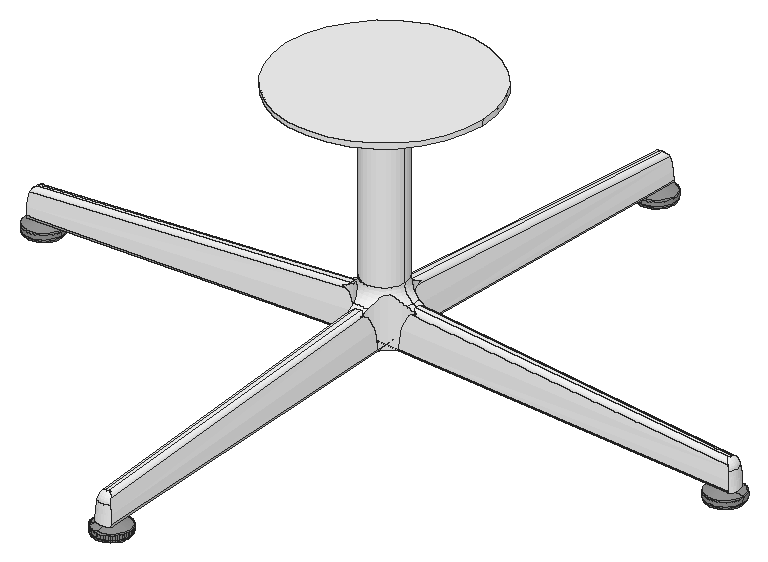
Revit family "FU_Table Base_Sandler_Elix 9-1", category Furniture, Revit 2020
Family settings
  OmniClass Number = 23.40.20.00
  OmniClass Title = General Furniture and Specialties
  Work Plane-Based = No
  Always vertical = Yes
  Cut with Voids When Loaded = No
  Shared = No
  Room Calculation Point = No
Parameters (values of type "Elix 9.3")
  Width = 880 mm
  URL = "https://www.sandlerseating.com/product/elix-9-3/"
  Model = "Elix 9.3"
  Manufacturer = "Sandler"
  Height = 310 mm
  Description = "Table base with central column in steel tube and 4 spoke base made of cast aluminum alloy. Height 31cm. (12.2″)"
  Depth = 880 mm
  Default Elevation = 0 mm
  Base [instance] = Epoxy - M1_W01 - White
Reference planes
  plane 1 "Center (Front/Back)": y = 0
  plane 2: z = 0
  plane 3 "Center (Left/Right)": x = 0
  plane 4 "Right": x = -440
  plane 5 "Left": x = 440
  plane 6 "Back": y = 440
  plane 7 "Front": y = -440
  plane 8 "Height": z = 310
  plane 9 "Top Support Base FRONT": z = 304
  plane 10 "Column Base FRONT": z = 30
Forms (mm)
  Revolve 1, solid, material "Rubber, Black"
    sketch origin (0, 0, 0) x (1, 0, 0) y (0, 0, 1)
      loop
        line (410.594, 13.752) -> (395.25, 8.808)
        arc (395.25, 8.808) -> (394.744, 8.442) -> (394.55, 7.848) r 1.009
        line (394.55, 7.848) -> (394.55, 3.083) -> (395.363, 3.083) -> (395.363, 0.508)
        arc (395.363, 0.508) -> (395.512, 0.149) -> (395.872, 0) r 0.508
        line (395.872, 0) -> (416.86, 0) -> (416.86, 17.876) -> (413.727, 17.876) -> (413.727, 13.752) -> (410.594, 13.752)
      axis (416.86, 17.876) -> (416.86, 0)
    angle from 0 to 360
  SweptBlend 2, solid, material "Epoxy - M1_W01 - White" <- "Base"
    path origin (0, 0, 0) x (0, 1, 0) y (0, 0, 1)
      loop
        line (0, 30.809) -> (440, 13.61)
    profile "Pro_Elix_leg 01 : Pro_Elix_leg 01" origin (0, 0, 30.809) x (0, 0.039059, 0.999237) y (1, 0, 0)
      loop
        line (0, 10.812) -> (0, -10.831)
        arc (0, -10.831) -> (0.601, -12.24) -> (2.035, -12.78) r 1.951
        arc (2.035, -12.78) -> (24.003, -11.524) -> (45.777, -8.35) r 251.335
        arc (45.777, -8.35) -> (48.704, -6.451) -> (50.036, -3.226) r 5.871
        arc (50.036, -3.226) -> (50.226, 0) -> (50.036, 3.226) r 27.435
        arc (50.036, 3.226) -> (48.358, 6.831) -> (44.768, 8.541) r 5.871
        arc (44.768, 8.541) -> (23.494, 11.575) -> (2.038, 12.78) r 251.335
        arc (2.038, 12.78) -> (0.601, 12.229) -> (0, 10.812) r 1.97
    end profile "Pro_Elix_leg 02 : Pro_Elix_leg 02" origin (0, 440, 13.61) x (0, 0.039059, 0.999237) y (1, 0, 0)
      loop
        arc (2.027, 10.201) -> (0.598, 9.653) -> (0, 8.245) r 1.957
        line (0, 8.245) -> (0, -8.201)
        arc (0, -8.201) -> (0.611, -9.64) -> (2.071, -10.199) r 2
        arc (2.071, -10.199) -> (15.038, -9.327) -> (27.923, -7.64) r 206.561
        arc (27.923, -7.64) -> (31.401, -5.74) -> (32.922, -2.08) r 5.969
        arc (32.922, -2.08) -> (32.981, -0.031) -> (32.93, 2.02) r 38.231
        arc (32.93, 2.02) -> (31.402, 5.723) -> (27.889, 7.646) r 6.016
        arc (27.889, 7.646) -> (14.998, 9.331) -> (2.027, 10.201) r 206.561
  Sweep 3, void
    path origin (0, 0, 0) x (0, 1, 0) y (0, 0, 1)
      loop
        line (432.168, 12.166) -> (430.049, 36.382)
        arc (430.049, 36.382) -> (426.614, 44.752) -> (418.432, 48.611) r 12.5
    profile "Pro_edgeCut_20mm : Pro_edgeCut_20mm" origin (0, 431.109, 24.274) x (0, -0.996195, -0.087155) y (1, 0, 0)
      loop
        line (-19, 20) -> (-19, -20) -> (5.142, -14.142)
        arc (5.142, -14.142) -> (-0.716, 0) -> (5.142, 14.142) r 20
        line (5.142, 14.142) -> (-19, 20)
  Revolve 4, solid, material "Rubber, Black"
    sketch origin (0, 0, 0) x (-1, 0, 0) y (0, 0, 1)
      loop
        line (410.594, 13.752) -> (395.25, 8.808)
        arc (395.25, 8.808) -> (394.744, 8.442) -> (394.55, 7.848) r 1.009
        line (394.55, 7.848) -> (394.55, 3.083) -> (395.363, 3.083) -> (395.363, 0.508)
        arc (395.363, 0.508) -> (395.512, 0.149) -> (395.872, 0) r 0.508
        line (395.872, 0) -> (416.86, 0) -> (416.86, 17.876) -> (413.727, 17.876) -> (413.727, 13.752) -> (410.594, 13.752)
      axis (416.86, 17.876) -> (416.86, 0)
    angle from 0 to 360
  Revolve 5, solid, material "Rubber, Black"
    sketch origin (0, 0, 0) x (0, 1, 0) y (0, 0, 1)
      loop
        line (410.594, 13.752) -> (395.25, 8.808)
        arc (395.25, 8.808) -> (394.744, 8.442) -> (394.55, 7.848) r 1.009
        line (394.55, 7.848) -> (394.55, 3.083) -> (395.363, 3.083) -> (395.363, 0.508)
        arc (395.363, 0.508) -> (395.512, 0.149) -> (395.872, 0) r 0.508
        line (395.872, 0) -> (416.86, 0) -> (416.86, 17.876) -> (413.727, 17.876) -> (413.727, 13.752) -> (410.594, 13.752)
      axis (416.86, 17.876) -> (416.86, 0)
    angle from 0 to 360
  Revolve 6, solid, material "Rubber, Black"
    sketch origin (0, 0, 0) x (0, -1, 0) y (0, 0, -1)
      loop
        line (410.594, -13.752) -> (413.727, -13.752) -> (413.727, -17.876) -> (416.86, -17.876) -> (416.86, 0) -> (395.872, 0)
        arc (395.872, 0) -> (395.512, -0.149) -> (395.363, -0.508) r 0.508
        line (395.363, -0.508) -> (395.363, -3.083) -> (394.55, -3.083) -> (394.55, -7.848)
        arc (394.55, -7.848) -> (394.744, -8.442) -> (395.25, -8.808) r 1.009
        line (395.25, -8.808) -> (410.594, -13.752)
      axis (416.86, -17.876) -> (416.86, 0)
    angle from 0 to 360
  SweptBlend 7, solid, material "Epoxy - M1_W01 - White" <- "Base"
    path origin (-0.019, 0, 0) x (0.000042, -1, 0) y (0, 0, 1)
      loop
        line (0, 30.809) -> (440, 13.61)
    profile "Pro_Elix_leg 01 : Pro_Elix_leg 01" origin (-0.019, 0, 30.809) x (0.000002, -0.039059, 0.999237) y (-1, -0.000042, 0)
      loop
        line (0, 10.812) -> (0, -10.831)
        arc (0, -10.831) -> (0.601, -12.24) -> (2.035, -12.78) r 1.951
        arc (2.035, -12.78) -> (24.003, -11.524) -> (45.777, -8.35) r 251.335
        arc (45.777, -8.35) -> (48.704, -6.451) -> (50.036, -3.226) r 5.871
        arc (50.036, -3.226) -> (50.226, 0) -> (50.036, 3.226) r 27.435
        arc (50.036, 3.226) -> (48.358, 6.831) -> (44.768, 8.541) r 5.871
        arc (44.768, 8.541) -> (23.494, 11.575) -> (2.038, 12.78) r 251.335
        arc (2.038, 12.78) -> (0.601, 12.229) -> (0, 10.812) r 1.97
    end profile "Pro_Elix_leg 02 : Pro_Elix_leg 02" origin (-0.001, -440, 13.61) x (0.000002, -0.039059, 0.999237) y (-1, -0.000042, 0)
      loop
        arc (2.027, 10.201) -> (0.598, 9.653) -> (0, 8.245) r 1.957
        line (0, 8.245) -> (0, -8.201)
        arc (0, -8.201) -> (0.611, -9.64) -> (2.071, -10.199) r 2
        arc (2.071, -10.199) -> (15.038, -9.327) -> (27.923, -7.64) r 206.561
        arc (27.923, -7.64) -> (31.401, -5.74) -> (32.922, -2.08) r 5.969
        arc (32.922, -2.08) -> (32.981, -0.031) -> (32.93, 2.02) r 38.231
        arc (32.93, 2.02) -> (31.402, 5.723) -> (27.889, 7.646) r 6.016
        arc (27.889, 7.646) -> (14.998, 9.331) -> (2.027, 10.201) r 206.561
  Sweep 8, void
    path origin (-0.019, 0, 0) x (0.000042, -1, 0) y (0, 0, 1)
      loop
        line (432.168, 12.166) -> (430.049, 36.382)
        arc (430.049, 36.382) -> (426.614, 44.752) -> (418.432, 48.611) r 12.5
    profile "Pro_edgeCut_20mm : Pro_edgeCut_20mm" origin (-0.001, -431.109, 24.274) x (-0.000042, 0.996195, -0.087155) y (-1, -0.000042, 0)
      loop
        line (-19, 20) -> (-19, -20) -> (5.142, -14.142)
        arc (5.142, -14.142) -> (-0.716, 0) -> (5.142, 14.142) r 20
        line (5.142, 14.142) -> (-19, 20)
  Revolve 9, solid, material "Rubber, Black"
    sketch origin (-0.019, 0, 0) x (0.000042, -1, 0) y (0, 0, 1)
      loop
        line (410.594, 13.752) -> (395.25, 8.808)
        arc (395.25, 8.808) -> (394.744, 8.442) -> (394.55, 7.848) r 1.009
        line (394.55, 7.848) -> (394.55, 3.083) -> (395.363, 3.083) -> (395.363, 0.508)
        arc (395.363, 0.508) -> (395.512, 0.149) -> (395.872, 0) r 0.508
        line (395.872, 0) -> (416.86, 0) -> (416.86, 17.876) -> (413.727, 17.876) -> (413.727, 13.752) -> (410.594, 13.752)
      axis (416.86, 17.876) -> (416.86, 0)
    angle from 0 to 360
  SweptBlend 10, solid, material "Epoxy - M1_W01 - White" <- "Base"
    path origin (0, -0.001, 0) x (1, -0.000001, 0) y (0, 0, 1)
      loop
        line (0, 30.809) -> (440, 13.61)
    profile "Pro_Elix_leg 01 : Pro_Elix_leg 01" origin (0, -0.001, 30.809) x (0.039059, 0, 0.999237) y (-0.000001, -1, 0)
      loop
        line (0, 10.812) -> (0, -10.831)
        arc (0, -10.831) -> (0.601, -12.24) -> (2.035, -12.78) r 1.951
        arc (2.035, -12.78) -> (24.003, -11.524) -> (45.777, -8.35) r 251.335
        arc (45.777, -8.35) -> (48.704, -6.451) -> (50.036, -3.226) r 5.871
        arc (50.036, -3.226) -> (50.226, 0) -> (50.036, 3.226) r 27.435
        arc (50.036, 3.226) -> (48.358, 6.831) -> (44.768, 8.541) r 5.871
        arc (44.768, 8.541) -> (23.494, 11.575) -> (2.038, 12.78) r 251.335
        arc (2.038, 12.78) -> (0.601, 12.229) -> (0, 10.812) r 1.97
    end profile "Pro_Elix_leg 02 : Pro_Elix_leg 02" origin (440, -0.002, 13.61) x (0.039059, 0, 0.999237) y (-0.000001, -1, 0)
      loop
        arc (2.027, 10.201) -> (0.598, 9.653) -> (0, 8.245) r 1.957
        line (0, 8.245) -> (0, -8.201)
        arc (0, -8.201) -> (0.611, -9.64) -> (2.071, -10.199) r 2
        arc (2.071, -10.199) -> (15.038, -9.327) -> (27.923, -7.64) r 206.561
        arc (27.923, -7.64) -> (31.401, -5.74) -> (32.922, -2.08) r 5.969
        arc (32.922, -2.08) -> (32.981, -0.031) -> (32.93, 2.02) r 38.231
        arc (32.93, 2.02) -> (31.402, 5.723) -> (27.889, 7.646) r 6.016
        arc (27.889, 7.646) -> (14.998, 9.331) -> (2.027, 10.201) r 206.561
  Sweep 11, void
    path origin (0, -0.001, 0) x (1, -0.000001, 0) y (0, 0, 1)
      loop
        line (432.168, 12.166) -> (430.049, 36.382)
        arc (430.049, 36.382) -> (426.614, 44.752) -> (418.432, 48.611) r 12.5
    profile "Pro_edgeCut_20mm : Pro_edgeCut_20mm" origin (431.108, -0.002, 24.274) x (-0.996195, 0.000001, -0.087155) y (-0.000001, -1, 0)
      loop
        line (-19, 20) -> (-19, -20) -> (5.142, -14.142)
        arc (5.142, -14.142) -> (-0.716, 0) -> (5.142, 14.142) r 20
        line (5.142, 14.142) -> (-19, 20)
  SweptBlend 12, solid, material "Epoxy - M1_W01 - White" <- "Base"
    path origin (0, 0.018, 0) x (-1, -0.000041, 0) y (0, 0, 1)
      loop
        line (0, 30.809) -> (440, 13.61)
    profile "Pro_Elix_leg 01 : Pro_Elix_leg 01" origin (0, 0.018, 30.809) x (-0.039059, -0.000002, 0.999237) y (-0.000041, 1, 0)
      loop
        line (0, 10.812) -> (0, -10.831)
        arc (0, -10.831) -> (0.601, -12.24) -> (2.035, -12.78) r 1.951
        arc (2.035, -12.78) -> (24.003, -11.524) -> (45.777, -8.35) r 251.335
        arc (45.777, -8.35) -> (48.704, -6.451) -> (50.036, -3.226) r 5.871
        arc (50.036, -3.226) -> (50.226, 0) -> (50.036, 3.226) r 27.435
        arc (50.036, 3.226) -> (48.358, 6.831) -> (44.768, 8.541) r 5.871
        arc (44.768, 8.541) -> (23.494, 11.575) -> (2.038, 12.78) r 251.335
        arc (2.038, 12.78) -> (0.601, 12.229) -> (0, 10.812) r 1.97
    end profile "Pro_Elix_leg 02 : Pro_Elix_leg 02" origin (-440, 0, 13.61) x (-0.039059, -0.000002, 0.999237) y (-0.000041, 1, 0)
      loop
        arc (2.027, 10.201) -> (0.598, 9.653) -> (0, 8.245) r 1.957
        line (0, 8.245) -> (0, -8.201)
        arc (0, -8.201) -> (0.611, -9.64) -> (2.071, -10.199) r 2
        arc (2.071, -10.199) -> (15.038, -9.327) -> (27.923, -7.64) r 206.561
        arc (27.923, -7.64) -> (31.401, -5.74) -> (32.922, -2.08) r 5.969
        arc (32.922, -2.08) -> (32.981, -0.031) -> (32.93, 2.02) r 38.231
        arc (32.93, 2.02) -> (31.402, 5.723) -> (27.889, 7.646) r 6.016
        arc (27.889, 7.646) -> (14.998, 9.331) -> (2.027, 10.201) r 206.561
  Sweep 13, void
    path origin (0, 0.018, 0) x (-1, -0.000041, 0) y (0, 0, 1)
      loop
        line (432.168, 12.166) -> (430.049, 36.382)
        arc (430.049, 36.382) -> (426.614, 44.752) -> (418.432, 48.611) r 12.5
    profile "Pro_edgeCut_20mm : Pro_edgeCut_20mm" origin (-431.109, 0, 24.274) x (0.996195, 0.000041, -0.087155) y (-0.000041, 1, 0)
      loop
        line (-19, 20) -> (-19, -20) -> (5.142, -14.142)
        arc (5.142, -14.142) -> (-0.716, 0) -> (5.142, 14.142) r 20
        line (5.142, 14.142) -> (-19, 20)
  Revolve 14, void
    sketch origin (0, 0, 0) x (1, 0, 0) y (0, 0, 1)
      loop
        line (36.075, 79.65) -> (64.504, 65) -> (75.234, 65) -> (75.234, 117.419) -> (45.234, 117.419)
        arc (45.234, 117.419) -> (25.803, 102.136) -> (36.075, 79.65) r 19.995
      axis (0, 117.419) -> (0, 65)
    angle from 0 to 360
  Extrusion 15, solid, material "Epoxy - M1_W01 - White" <- "Base"
    sketch origin (0, 0, 0) x (1, 0, 0) y (0, 1, 0)
      loop
        arc (-43.388, 8) -> (-51.388, 0) -> (-43.388, -8) r 8
        arc (-43.388, -8) -> (-18.365, -18.365) -> (-8, -43.388) r 35.388
        arc (-8, -43.388) -> (0, -51.388) -> (8, -43.388) r 8
        arc (8, -43.388) -> (18.365, -18.365) -> (43.388, -8) r 35.388
        arc (43.388, -8) -> (51.388, 0) -> (43.388, 8) r 8
        arc (43.388, 8) -> (18.365, 18.365) -> (8, 43.388) r 35.388
        arc (8, 43.388) -> (0, 51.388) -> (-8, 43.388) r 8
        arc (-8, 43.388) -> (-18.365, 18.365) -> (-43.388, 8) r 35.388
    from 30.809 to 97.929
  Extrusion 16, solid, material "Epoxy - M1_W01 - White" <- "Base"
    sketch origin (0, 0, 0) x (1, 0, 0) y (0, 1, 0)
      loop
        circle (-0.01, 0) r 25
    from 30 to 304
  Extrusion 17, solid, material "Epoxy - M1_W01 - White" <- "Base"
    sketch origin (0, 0, 304) x (-1, 0, 0) y (0, -1, 0)
      loop
        circle (0.01, 0) r 120
    from 0 to 6
Cuts and joins
  Sweep 3, Sweep 8, Sweep 11 cuts SweptBlend 2
  Sweep 8, Sweep 13 cuts SweptBlend 7
  Sweep 11 cuts SweptBlend 10
  Sweep 13 cuts SweptBlend 12
  Revolve 14 cuts Extrusion 15
Dimensions and locks
  equal spacing: plane 4 "Right", plane 3 "Center (Left/Right)", plane 5 "Left"
  "Width": plane 4 "Right" to plane 5 "Left"
  equal spacing: plane 6 "Back", plane 1 "Center (Front/Back)", plane 7 "Front"
  "Depth": plane 6 "Back" to plane 7 "Front"
  "Height": plane 8 "Height" to level
  locked: plane 8 "Height" to plane 9 "Top Support Base FRONT" at 6
  locked: plane 10 "Column Base FRONT" to level at 30
  aligned and locked: level to plane 2
  aligned and locked: Extrusion 16 to plane 10 "Column Base FRONT"
  aligned and locked: plane 9 "Top Support Base FRONT" to Extrusion 16
  aligned and locked: Extrusion 17 to plane 9 "Top Support Base FRONT"
  aligned and locked: plane 8 "Height" to Extrusion 17
Automatic sketch dimensions
  Revolve 1 sketch curve to level = 0 mm  (x2)
  level to Revolve 1 sketch curve = 3.083 mm
  plane 5 "Left" to Revolve 1 sketch curve = 45.45 mm
  level to Revolve 1 sketch curve = 8.808 mm
  Revolve 1 sketch curve to Revolve 1 sketch curve = 0.7 mm
  level to Revolve 1 sketch curve = 0.508 mm
  Revolve 1 sketch curve to Revolve 1 sketch curve = 0.813 mm
  Revolve 1 sketch curve to Revolve 1 sketch curve = 1.009 mm
  level to Revolve 1 sketch curve = 13.752 mm
  Revolve 1 sketch curve to Revolve 1 sketch curve = 15.344 mm
  Revolve 1 sketch curve to Revolve 1 sketch curve = 3.133 mm  (x2)
  Revolve 1 sketch curve to Revolve 1 sketch curve = 4.124 mm
  Revolve 1 sketch curve to Revolve 1 sketch curve = 0 mm  (x2)
  SweptBlend 2 sketch curve to plane 1 "Center (Front/Back)" = 0 mm
  SweptBlend 2 sketch curve to plane 6 "Back" = 0 mm
  level to SweptBlend 2 sketch curve = 13.61 mm
  level to SweptBlend 2 sketch curve = 30.809 mm
  Sweep 3 sketch curve to plane 6 "Back" = 22.448 mm
  Sweep 3 sketch curve to plane 6 "Back" = 9.951 mm
  level to Sweep 3 sketch curve = 36.142 mm
  Sweep 3 sketch curve to Sweep 3 sketch curve = 0.239 mm
  Sweep 3 sketch curve to Sweep 3 sketch curve = 0.88 mm
  Sweep 3 sketch curve to plane 6 "Back" = 7.832 mm
  level to Sweep 3 sketch curve = 12.166 mm
  Revolve 4 sketch curve to level = 0 mm  (x2)
  Revolve 4 sketch curve to level = 3.083 mm
  plane 4 "Right" to Revolve 4 sketch curve = 45.45 mm
  Revolve 4 sketch curve to level = 8.808 mm
  Revolve 4 sketch curve to Revolve 4 sketch curve = 0.7 mm
  Revolve 4 sketch curve to level = 0.508 mm
  Revolve 4 sketch curve to Revolve 4 sketch curve = 0.813 mm
  Revolve 4 sketch curve to Revolve 4 sketch curve = 1.009 mm
  Revolve 4 sketch curve to level = 13.752 mm
  Revolve 4 sketch curve to Revolve 4 sketch curve = 15.344 mm
  Revolve 4 sketch curve to Revolve 4 sketch curve = 3.133 mm  (x2)
  Revolve 4 sketch curve to Revolve 4 sketch curve = 4.124 mm
  Revolve 4 sketch curve to Revolve 4 sketch curve = 0 mm  (x2)
  Revolve 5 sketch curve to level = 0 mm  (x2)
  level to Revolve 5 sketch curve = 3.083 mm
  Revolve 5 sketch curve to plane 6 "Back" = 45.45 mm
  level to Revolve 5 sketch curve = 8.808 mm
  Revolve 5 sketch curve to Revolve 5 sketch curve = 0.7 mm
  level to Revolve 5 sketch curve = 0.508 mm
  Revolve 5 sketch curve to Revolve 5 sketch curve = 0.813 mm
  Revolve 5 sketch curve to Revolve 5 sketch curve = 1.009 mm
  level to Revolve 5 sketch curve = 13.752 mm
  Revolve 5 sketch curve to Revolve 5 sketch curve = 15.344 mm
  Revolve 5 sketch curve to Revolve 5 sketch curve = 3.133 mm  (x2)
  Revolve 5 sketch curve to Revolve 5 sketch curve = 4.124 mm
  Revolve 5 sketch curve to Revolve 5 sketch curve = 0 mm  (x2)
  Revolve 6 sketch curve to level = 0 mm  (x2)
  level to Revolve 6 sketch curve = 3.083 mm
  plane 7 "Front" to Revolve 6 sketch curve = 45.45 mm
  level to Revolve 6 sketch curve = 8.808 mm
  Revolve 6 sketch curve to Revolve 6 sketch curve = 0.7 mm
  level to Revolve 6 sketch curve = 0.508 mm
  Revolve 6 sketch curve to Revolve 6 sketch curve = 0.813 mm
  Revolve 6 sketch curve to Revolve 6 sketch curve = 1.009 mm
  level to Revolve 6 sketch curve = 13.752 mm
  Revolve 6 sketch curve to Revolve 6 sketch curve = 15.344 mm
  Revolve 6 sketch curve to Revolve 6 sketch curve = 3.133 mm  (x2)
  Revolve 6 sketch curve to Revolve 6 sketch curve = 4.124 mm
  Revolve 6 sketch curve to Revolve 6 sketch curve = 0 mm  (x2)
  level to SweptBlend 7 sketch curve = 30.809 mm
  level to SweptBlend 7 sketch curve = 13.61 mm
  SweptBlend 7 sketch curve to SweptBlend 7 sketch curve = 440 mm
  level to Sweep 8 sketch curve = 36.142 mm
  level to Sweep 8 sketch curve = 36.382 mm
  Sweep 8 sketch curve to Sweep 8 sketch curve = 12.498 mm
  Sweep 8 sketch curve to Sweep 8 sketch curve = 0.88 mm
  level to Sweep 8 sketch curve = 12.166 mm
  Sweep 8 sketch curve to Sweep 8 sketch curve = 2.119 mm
  Revolve 9 sketch curve to level = 0 mm  (x2)
  level to Revolve 9 sketch curve = 3.083 mm
  level to Revolve 9 sketch curve = 8.808 mm
  Revolve 9 sketch curve to Revolve 9 sketch curve = 0.7 mm
  level to Revolve 9 sketch curve = 0.508 mm
  Revolve 9 sketch curve to Revolve 9 sketch curve = 0.813 mm
  Revolve 9 sketch curve to Revolve 9 sketch curve = 1.009 mm
  level to Revolve 9 sketch curve = 13.752 mm
  Revolve 9 sketch curve to Revolve 9 sketch curve = 15.344 mm
  Revolve 9 sketch curve to Revolve 9 sketch curve = 3.133 mm  (x2)
  Revolve 9 sketch curve to Revolve 9 sketch curve = 4.124 mm
  Revolve 9 sketch curve to Revolve 9 sketch curve = 0 mm  (x2)
  level to SweptBlend 10 sketch curve = 30.809 mm
  level to SweptBlend 10 sketch curve = 13.61 mm
  SweptBlend 10 sketch curve to SweptBlend 10 sketch curve = 440 mm
  level to Sweep 11 sketch curve = 36.142 mm
  level to Sweep 11 sketch curve = 36.382 mm
  Sweep 11 sketch curve to Sweep 11 sketch curve = 12.498 mm
  Sweep 11 sketch curve to Sweep 11 sketch curve = 0.88 mm
  level to Sweep 11 sketch curve = 12.166 mm
  Sweep 11 sketch curve to Sweep 11 sketch curve = 2.119 mm
  level to SweptBlend 12 sketch curve = 30.809 mm
  level to SweptBlend 12 sketch curve = 13.61 mm
  SweptBlend 12 sketch curve to SweptBlend 12 sketch curve = 440 mm
  level to Sweep 13 sketch curve = 36.142 mm
  level to Sweep 13 sketch curve = 36.382 mm
  Sweep 13 sketch curve to Sweep 13 sketch curve = 12.498 mm
  Sweep 13 sketch curve to Sweep 13 sketch curve = 0.88 mm
  level to Sweep 13 sketch curve = 12.166 mm
  Sweep 13 sketch curve to Sweep 13 sketch curve = 2.119 mm
  Revolve 14 sketch curve to plane 3 "Center (Left/Right)" = 0 mm
  plane 3 "Center (Left/Right)" to Revolve 14 sketch curve = 45.234 mm
  Revolve 14 sketch curve to Revolve 14 sketch curve = 30 mm
  level to Revolve 14 sketch curve = 97.424 mm
  Revolve 14 sketch curve to Revolve 14 sketch curve = 19.995 mm
  Revolve 14 sketch curve to Revolve 14 sketch curve = 9.159 mm
  Revolve 14 sketch curve to Revolve 14 sketch curve = 10.73 mm
  Revolve 14 sketch curve to Revolve 14 sketch curve = 14.65 mm  (x2)
  Revolve 14 sketch curve to Revolve 14 sketch curve = 17.581 mm
  Extrusion 15 sketch curve to plane 1 "Center (Front/Back)" = 0 mm  (x2)
  Extrusion 15 sketch curve to Extrusion 15 sketch curve = 0 mm  (x8)
  Extrusion 15 sketch curve to plane 3 "Center (Left/Right)" = 0 mm  (x2)
  plane 3 "Center (Left/Right)" to Extrusion 15 sketch curve = 43.388 mm
  Extrusion 15 sketch curve to Extrusion 15 sketch curve = 43.388 mm
  Extrusion 15 sketch curve to Extrusion 15 sketch curve = 8 mm  (x2)
  plane 1 "Center (Front/Back)" to Extrusion 16 sketch curve = 0 mm
  Extrusion 16 sketch curve to plane 3 "Center (Left/Right)" = 0.01 mm
  plane 1 "Center (Front/Back)" to Extrusion 17 sketch curve = 0 mm
  Extrusion 17 sketch curve to plane 3 "Center (Left/Right)" = 0.01 mm
  radius of Extrusion 16 sketch curve = 25 mm
  radius of Extrusion 17 sketch curve = 120 mm
